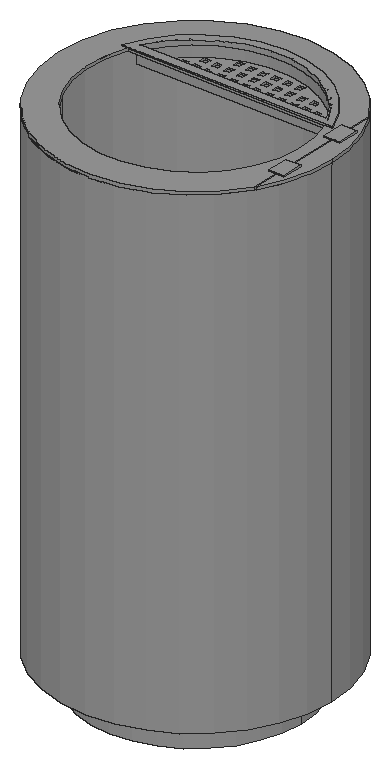
Revit family "Урна уличная круглая «Полли» Арт 14032", category Антураж, Revit 2018
Family settings
  На основе рабочей плоскости = Нет
  Всегда вертикально = Да
  При загрузке вырезать с полостями = Нет
  Источник визуального образа = Геометрия семейства
  Общий = Нет
  Точка расчета площади = Нет
Parameters (values of type "Урна уличная круглая «Полли»")
  Ширина = 450 mm  # constant formula
  Цвет каркаса = Сталь
  Описание = "Урна уличная круглая «Полли»"  # constant formula
  Материал изделия = "Сталь"  # constant formula
  Изображение типоразмера = Урна уличная круглая «Полли» Арт 14032.jpeg
  Изготовитель = "ООО «Хоббика»"  # constant formula
  Длина = 450 mm  # constant formula
  Группа модели = "Уличные урны"  # constant formula
  Высота = 848 mm  # constant formula
  Артикул товара = "Арт. 14032"  # constant formula
  URL = "https://hobbyka.ru/product/urna_ulichnaya_kruglaya_polli/"
Reference planes
  plane 1 "По центру (Вперед/Назад)": y = 0
  plane 2: z = 0
  plane 3 "По центру (Влево/Вправо)": x = 0
  plane 4: y = 450
  plane 5: x = 450
  plane 6: z = 848
Forms (mm)
  Extrusion 1, solid, material "Сталь" <- "Цвет каркаса"
    sketch origin (0, 0, 0) x (1, 0, 0) y (0, 1, 0)
      loop
        circle (225, 225) r 220
      loop
        circle (225, 225) r 225
    from 50 to 843
  Extrusion 2, solid, material "Сталь" <- "Цвет каркаса"
    sketch origin (0, 0, 0) x (1, 0, 0) y (0, 1, 0)
      loop
        circle (225, 225) r 220
    from 50 to 55
  Extrusion 3, solid, material "Сталь" <- "Цвет каркаса"
    sketch origin (0, 0, 0) x (1, 0, 0) y (0, 1, 0)
      loop
        circle (225, 225) r 175
    from 0 to 50
  Extrusion 4, solid, material "Нержавейка"
    sketch origin (0, 0, 0) x (1, 0, 0) y (0, 1, 0)
      loop
        arc (450, 225) -> (441.852, 285) -> (418, 340.655) r 225
        line (418, 340.655) -> (418, 109.345)
        arc (418, 109.345) -> (441.852, 165) -> (450, 225) r 225
      loop
        arc (0, 225) -> (164.07, 8.407) -> (417, 107.693) r 225
        line (417, 107.693) -> (417, 342.307)
        arc (417, 342.307) -> (164.07, 441.593) -> (0, 225) r 225
      loop
        arc (62.519, 290) -> (225, 50) -> (387.481, 290) r 175
        line (387.481, 290) -> (62.519, 290)
      loop
        line (66.886, 300) -> (383.114, 300)
        arc (383.114, 300) -> (225, 400) -> (66.886, 300) r 175
    from 843 to 848
  Extrusion 5, solid, material "Нержавейка"
    sketch origin (0, 0, 0) x (1, 0, 0) y (0, 1, 0)
      loop
        line (405, 300) -> (405, 265) -> (430, 265) -> (430, 300) -> (405, 300)
      loop
        line (405, 150) -> (430, 150) -> (430, 185) -> (405, 185) -> (405, 150)
    from 848 to 850
  Sweep 6, solid, material "Нержавейка"
    path origin (0, 0, 0) x (1, 0, 0) y (0, 1, 0)
      loop
        line (66.886, 300) -> (383.114, 300)
        arc (383.114, 300) -> (225, 400) -> (66.886, 300) r 175
    profile origin (225, 300, 0) x (0, -1, 0) y (0, 0, 1)
      loop
        line (-3, 849) -> (-3, 841) -> (-3, 822) -> (-1, 822) -> (-1, 847) -> (10, 847) -> (10, 849) -> (-3, 849)
  Extrusion 7, solid, material "Нержавейка"
    sketch origin (-1030.839, -806.185, 0) x (1, 0, 0) y (0, 1, 0)
      loop
        line (1102.542, 1109.185) -> (1409.136, 1109.185)
        arc (1409.136, 1109.185) -> (1255.839, 1203.185) -> (1102.542, 1109.185) r 172
      loop
        line (1120.839, 1119.185) -> (1130.839, 1119.185) -> (1130.839, 1129.185) -> (1126.843, 1129.185)
        arc (1126.843, 1129.185) -> (1123.774, 1125.007) -> (1120.839, 1120.734) r 162
        line (1120.839, 1120.734) -> (1120.839, 1119.185)
      loop
        line (1140.839, 1129.185) -> (1140.839, 1119.185) -> (1150.839, 1119.185) -> (1150.839, 1129.185) -> (1140.839, 1129.185)
      loop
        line (1160.839, 1129.185) -> (1160.839, 1119.185) -> (1170.839, 1119.185) -> (1170.839, 1129.185) -> (1160.839, 1129.185)
      loop
        line (1180.839, 1129.185) -> (1180.839, 1119.185) -> (1190.839, 1119.185) -> (1190.839, 1129.185) -> (1180.839, 1129.185)
      loop
        line (1200.839, 1129.185) -> (1200.839, 1119.185) -> (1210.839, 1119.185) -> (1210.839, 1129.185) -> (1200.839, 1129.185)
      loop
        line (1220.839, 1129.185) -> (1220.839, 1119.185) -> (1230.839, 1119.185) -> (1230.839, 1129.185) -> (1220.839, 1129.185)
      loop
        line (1240.839, 1129.185) -> (1240.839, 1119.185) -> (1250.839, 1119.185) -> (1250.839, 1129.185) -> (1240.839, 1129.185)
      loop
        line (1260.839, 1129.185) -> (1260.839, 1119.185) -> (1270.839, 1119.185) -> (1270.839, 1129.185) -> (1260.839, 1129.185)
      loop
        line (1280.839, 1129.185) -> (1280.839, 1119.185) -> (1290.839, 1119.185) -> (1290.839, 1129.185) -> (1280.839, 1129.185)
      loop
        line (1300.839, 1129.185) -> (1300.839, 1119.185) -> (1310.839, 1119.185) -> (1310.839, 1129.185) -> (1300.839, 1129.185)
      loop
        line (1320.839, 1129.185) -> (1320.839, 1119.185) -> (1330.839, 1119.185) -> (1330.839, 1129.185) -> (1320.839, 1129.185)
      loop
        line (1340.839, 1129.185) -> (1340.839, 1119.185) -> (1350.839, 1119.185) -> (1350.839, 1129.185) -> (1340.839, 1129.185)
      loop
        line (1360.839, 1129.185) -> (1360.839, 1119.185) -> (1370.839, 1119.185) -> (1370.839, 1129.185) -> (1360.839, 1129.185)
      loop
        arc (1390.839, 1120.734) -> (1387.905, 1125.007) -> (1384.835, 1129.185) r 162
        line (1384.835, 1129.185) -> (1380.839, 1129.185) -> (1380.839, 1119.185) -> (1390.839, 1119.185) -> (1390.839, 1120.734)
      loop
        line (1140.839, 1149.185) -> (1140.839, 1139.185) -> (1150.839, 1139.185) -> (1150.839, 1149.185) -> (1140.839, 1149.185)
      loop
        line (1160.839, 1149.185) -> (1160.839, 1139.185) -> (1170.839, 1139.185) -> (1170.839, 1149.185) -> (1160.839, 1149.185)
      loop
        line (1180.839, 1149.185) -> (1180.839, 1139.185) -> (1190.839, 1139.185) -> (1190.839, 1149.185) -> (1180.839, 1149.185)
      loop
        line (1200.839, 1149.185) -> (1200.839, 1139.185) -> (1210.839, 1139.185) -> (1210.839, 1149.185) -> (1200.839, 1149.185)
      loop
        line (1220.839, 1149.185) -> (1220.839, 1139.185) -> (1230.839, 1139.185) -> (1230.839, 1149.185) -> (1220.839, 1149.185)
      loop
        line (1240.839, 1149.185) -> (1240.839, 1139.185) -> (1250.839, 1139.185) -> (1250.839, 1149.185) -> (1240.839, 1149.185)
      loop
        line (1260.839, 1149.185) -> (1260.839, 1139.185) -> (1270.839, 1139.185) -> (1270.839, 1149.185) -> (1260.839, 1149.185)
      loop
        line (1280.839, 1149.185) -> (1280.839, 1139.185) -> (1290.839, 1139.185) -> (1290.839, 1149.185) -> (1280.839, 1149.185)
      loop
        line (1300.839, 1149.185) -> (1300.839, 1139.185) -> (1310.839, 1139.185) -> (1310.839, 1149.185) -> (1300.839, 1149.185)
      loop
        line (1320.839, 1149.185) -> (1320.839, 1139.185) -> (1330.839, 1139.185) -> (1330.839, 1149.185) -> (1320.839, 1149.185)
      loop
        line (1340.839, 1149.185) -> (1340.839, 1139.185) -> (1350.839, 1139.185) -> (1350.839, 1149.185) -> (1340.839, 1149.185)
      loop
        line (1360.839, 1149.185) -> (1360.839, 1139.185) -> (1370.839, 1139.185) -> (1370.839, 1149.185) -> (1360.839, 1149.185)
      loop
        line (1160.839, 1169.185) -> (1160.839, 1159.185) -> (1170.839, 1159.185) -> (1170.839, 1169.185) -> (1160.839, 1169.185)
      loop
        line (1180.839, 1169.185) -> (1180.839, 1159.185) -> (1190.839, 1159.185) -> (1190.839, 1169.185) -> (1180.839, 1169.185)
      loop
        line (1200.839, 1169.185) -> (1200.839, 1159.185) -> (1210.839, 1159.185) -> (1210.839, 1169.185) -> (1200.839, 1169.185)
      loop
        line (1220.839, 1169.185) -> (1220.839, 1159.185) -> (1230.839, 1159.185) -> (1230.839, 1169.185) -> (1220.839, 1169.185)
      loop
        line (1240.839, 1169.185) -> (1240.839, 1159.185) -> (1250.839, 1159.185) -> (1250.839, 1169.185) -> (1240.839, 1169.185)
      loop
        line (1260.839, 1169.185) -> (1260.839, 1159.185) -> (1270.839, 1159.185) -> (1270.839, 1169.185) -> (1260.839, 1169.185)
      loop
        line (1280.839, 1169.185) -> (1280.839, 1159.185) -> (1290.839, 1159.185) -> (1290.839, 1169.185) -> (1280.839, 1169.185)
      loop
        line (1300.839, 1169.185) -> (1300.839, 1159.185) -> (1310.839, 1159.185) -> (1310.839, 1169.185) -> (1300.839, 1169.185)
      loop
        line (1320.839, 1169.185) -> (1320.839, 1159.185) -> (1330.839, 1159.185) -> (1330.839, 1169.185) -> (1320.839, 1169.185)
      loop
        line (1340.839, 1169.185) -> (1340.839, 1159.185) -> (1350.839, 1159.185) -> (1350.839, 1169.185) -> (1340.839, 1169.185)
      loop
        line (1200.839, 1189.185) -> (1200.839, 1179.185) -> (1210.839, 1179.185) -> (1210.839, 1189.185) -> (1200.839, 1189.185)
      loop
        line (1220.839, 1189.185) -> (1220.839, 1179.185) -> (1230.839, 1179.185) -> (1230.839, 1189.185) -> (1220.839, 1189.185)
      loop
        line (1240.839, 1189.185) -> (1240.839, 1179.185) -> (1250.839, 1179.185) -> (1250.839, 1189.185) -> (1240.839, 1189.185)
      loop
        line (1260.839, 1189.185) -> (1260.839, 1179.185) -> (1270.839, 1179.185) -> (1270.839, 1189.185) -> (1260.839, 1189.185)
      loop
        line (1280.839, 1189.185) -> (1280.839, 1179.185) -> (1290.839, 1179.185) -> (1290.839, 1189.185) -> (1280.839, 1189.185)
      loop
        line (1300.839, 1189.185) -> (1300.839, 1179.185) -> (1310.839, 1179.185) -> (1310.839, 1189.185) -> (1300.839, 1189.185)
    from 822 to 824
Dimensions and locks
  "Длина": plane 3 "По центру (Влево/Вправо)" to plane 5
  "Ширина": plane 1 "По центру (Вперед/Назад)" to plane 4
  "Высота": level to plane 6
  aligned and locked: level to plane 2
Automatic sketch dimensions
  Extrusion 1 sketch curve to plane 1 "По центру (Вперед/Назад)" = 225 mm
  plane 3 "По центру (Влево/Вправо)" to Extrusion 1 sketch curve = 225 mm
  Extrusion 1 sketch curve to Extrusion 1 sketch curve = 0 mm  (x2)
  plane 3 "По центру (Влево/Вправо)" to Extrusion 2 sketch curve = 225 mm
  Extrusion 2 sketch curve to plane 1 "По центру (Вперед/Назад)" = 225 mm
  Extrusion 3 sketch curve to Extrusion 3 sketch curve = 0 mm  (x2)
  plane 3 "По центру (Влево/Вправо)" to Extrusion 3 sketch curve = 50 mm
  Extrusion 3 sketch curve to plane 5 = 50 mm
  Extrusion 3 sketch curve to plane 1 "По центру (Вперед/Назад)" = 225 mm
  Extrusion 4 sketch curve to Extrusion 4 sketch curve = 0 mm  (x8)
  Extrusion 4 sketch curve to plane 3 "По центру (Влево/Вправо)" = 0 mm
  Extrusion 4 sketch curve to plane 5 = 0 mm
  plane 3 "По центру (Влево/Вправо)" to Extrusion 4 sketch curve = 62.519 mm
  Extrusion 4 sketch curve to Extrusion 4 sketch curve = 4.367 mm
  Extrusion 4 sketch curve to Extrusion 4 sketch curve = 10 mm
  Extrusion 4 sketch curve to plane 1 "По центру (Вперед/Назад)" = 107.693 mm
  Extrusion 4 sketch curve to Extrusion 4 sketch curve = 42.307 mm
  Extrusion 4 sketch curve to Extrusion 4 sketch curve = 1 mm
  Extrusion 4 sketch curve to Extrusion 4 sketch curve = 1.653 mm
  Extrusion 4 sketch curve to Extrusion 4 sketch curve = 158.114 mm
  Extrusion 5 sketch curve to plane 5 = 45 mm  (x2)
  Extrusion 5 sketch curve to plane 5 = 20 mm  (x2)
  Extrusion 5 sketch curve to plane 1 "По центру (Вперед/Назад)" = 150 mm
  Extrusion 5 sketch curve to Extrusion 5 sketch curve = 35 mm  (x2)
  Extrusion 5 sketch curve to Extrusion 5 sketch curve = 80 mm
  plane 3 "По центру (Влево/Вправо)" to Sweep 6 sketch curve = 66.886 mm
  Sweep 6 sketch curve to Sweep 6 sketch curve = 158.114 mm
  Sweep 6 sketch curve to plane 1 "По центру (Вперед/Назад)" = 225 mm
  Sweep 6 sketch curve to plane 4 = 150 mm
  profile plane to Sweep 6 sketch curve = 1 mm
  Sweep 6 sketch curve to profile plane = 10 mm
  level to Sweep 6 sketch curve = 822 mm
  Sweep 6 sketch curve to Sweep 6 sketch curve = 25 mm
  Sweep 6 sketch curve to Sweep 6 sketch curve = 2 mm  (x2)
  Sweep 6 sketch curve to Sweep 6 sketch curve = 6 mm
  Extrusion 7 sketch curve to Extrusion 7 sketch curve = 0 mm  (x59)
  Extrusion 7 sketch curve to plane 4 = 147 mm
  Extrusion 7 sketch curve to plane 5 = 378.297 mm
  Extrusion 7 sketch curve to Extrusion 7 sketch curve = 18.297 mm
  Extrusion 7 sketch curve to Extrusion 7 sketch curve = 6.004 mm
  Extrusion 7 sketch curve to Extrusion 7 sketch curve = 3.996 mm  (x2)
  Extrusion 7 sketch curve to Extrusion 7 sketch curve = 10 mm  (x108)
  Extrusion 7 sketch curve to Extrusion 7 sketch curve = 5 mm
  Extrusion 7 sketch curve to Extrusion 7 sketch curve = 78 mm
  Extrusion 7 sketch curve to Extrusion 7 sketch curve = 1.549 mm  (x2)
  Extrusion 7 sketch curve to Extrusion 7 sketch curve = 20 mm
  radius of Extrusion 1 sketch curve = 220 mm
  radius of Extrusion 1 sketch curve = 225 mm
  radius of Extrusion 2 sketch curve = 220 mm
